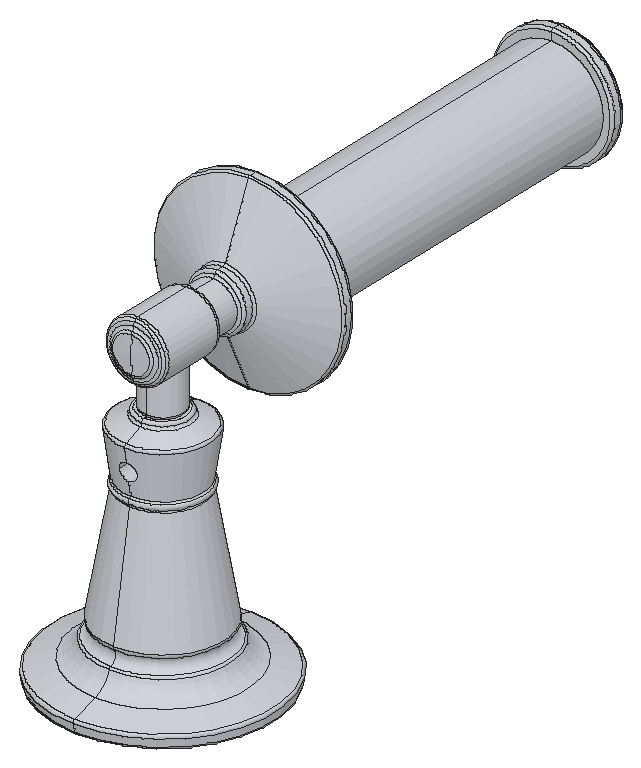
Revit family "Accessory-Tissue_Holder-KOHLER-Archer-K-11056_1", category Specialty Equipment, host Face, Revit 2015
Parameters (values of type "CP-Polished Chrome")
  Width = 4 31/32"  # constant formula
  WaterSense Certified = 1 = 0  # no
  URL = "https://www.us.kohler.com/us/"
  Type = 1
  Product Page URL = "http://www.us.kohler.com/us/catalog/productDetails.jsp?productNumber=11056"
  Product Name = "Archer"  # constant formula
  Product Documentation Link = "https://www.us.kohler.com/webassets/kpna/catalog/pdf/en/K-11056_spec.pdf"
  Model = if(Type = 1, "K-11056-CP", if(Type = 2, "K-11056-BN", "NA"))  # "K-11056-CP"
  Material = "Premium Metal Construction"  # constant formula
  MasterFormat 2004 = "10.28.13"  # constant formula
  MasterFormat 1995 = "10820"  # constant formula
  Manufacturer Address = "444 Highland Dr, Kohler, WI 53044"  # constant formula
  Manufacturer = "KOHLER Co."  # constant formula
  Length = 2 3/4"  # constant formula
  Height = 7 5/8"  # constant formula
  Finish = Kohler-Metal-CP-Polished_Chrome
  Environmental Product Declaration = ""
  Description = "Vertical toilet tissue holder"  # constant formula
  Default Elevation = 42"
  Declare Label = ""
  Date Modified = "05/20/2019"  # constant formula
  Date Created = "05/20/2019"  # constant formula
  Copyright = "Copyright KOHLER Co."  # constant formula
  Contact Us = "https://www.us.kohler.com/us/static/contact.jsp"
  Assembly Code = "C1030200"
  ADA Compliant = 1 = 0  # no
Types (3): name | Type | Model | Finish
  (no name) | 1 | "K-11056-CP" | Kohler-Metal-CP-Polished_Chrome
  CP-Polished Chrome | 1 | "K-11056-CP" | Kohler-Metal-CP-Polished_Chrome
  BN-Vibrant Brushed Nickel | 2 | "K-11056-BN" | Kohler-Metal-BN-Vibrant_Brushed_Nickel
Reference planes (in)
  plane 1 "Center (Front/Back)": y = 0
  plane 2: z = 0
  plane 3 "Center (Left/Right)": x = 0
  plane 4: y = 1.375
  plane 5: y = -1.375
  plane 6: z = 3.79756
  plane 7: x = -1.375
  plane 8: x = 1.375
  plane 9: y = 6.25
  plane 10: z = 4.96875
  plane 11: z = 2.62239
Dimensions and locks (in)
  "Length": plane 7 to plane 8
  "Height": plane 9 to plane 5
  "Width": plane 10 to level
  aligned and locked: plane 2 to host face
  aligned and locked: level to host face
Automatic sketch dimensions
  host sketch curve to host sketch curve = 96"  (x2)
Nested families (in)
  nested 1: "K-11056" at (0, 0, 0), type "K-11056"
Definition of nested family "K-11056"
  Parameters (values of type "K-11056")
    Width [instance] = 18"
    Material = none
  Reference planes (in)
    plane 1 "Center (Front/Back)": y = 0
    plane 2: z = 0
    plane 3 "Center (Left/Right)": x = 0
    plane 4: z = 3.79756
    plane 5: y = -1.375
    plane 6: z = 5.17616
    plane 7: y = 1.375
    plane 8: x = -1.375
    plane 9: x = 1.375
    plane 10: y = 6.25
    plane 11: z = 4.96944
    plane 12: z = 2.62569
    plane 13: x = -1.17187
    plane 14: x = 1.17188
  Forms (in)
    Revolve 1, solid, material <- "Material", detail levels medium+fine
      sketch origin (0, 0, 0) x (0, 1, 0) y (0, 0, 1)
        loop
          line (0, 3.79756) -> (-0.24988, 3.79756) -> (-0.24988, 3.03204)
          arc (-0.24988, 3.03204) -> (-0.24348, 3.01657) -> (-0.22801, 3.01016) r 0.02188
          line (-0.22801, 3.01016) -> (-0.28646, 3.01016)
          arc (-0.28646, 3.01016) -> (-0.31027, 2.99961) -> (-0.31846, 2.97488) r 0.03215
          arc (-0.31846, 2.97488) -> (-0.32346, 2.9525) -> (-0.34077, 2.93745) r 0.03673
          line (-0.34077, 2.93745) -> (-0.55875, 2.84578)
          arc (-0.55875, 2.84578) -> (-0.57453, 2.83177) -> (-0.57848, 2.81104) r 0.03274
          line (-0.57848, 2.81104) -> (-0.49939, 2.24826)
          arc (-0.49939, 2.24826) -> (-0.50166, 2.23198) -> (-0.51218, 2.21935) r 0.02993
          arc (-0.51218, 2.21935) -> (-0.5288, 2.18869) -> (-0.51342, 2.15738) r 0.03802
          arc (-0.51342, 2.15738) -> (-0.50361, 2.14464) -> (-0.50197, 2.12864) r 0.02941
          line (-0.50197, 2.12864) -> (-0.75434, 0.69738)
          arc (-0.75434, 0.69738) -> (-0.75363, 0.67616) -> (-0.74442, 0.65703) r 0.05146
          arc (-0.74442, 0.65703) -> (-0.72788, 0.56257) -> (-0.79622, 0.4953) r 0.10317
          arc (-0.79622, 0.4953) -> (-0.81234, 0.48569) -> (-0.82207, 0.46966) r 0.03888
          arc (-0.82207, 0.46966) -> (-0.90143, 0.33837) -> (-1.0327, 0.25897) r 0.32066
          line (-1.0327, 0.25897) -> (-1.35075, 0.15973)
          arc (-1.35075, 0.15973) -> (-1.3701, 0.14452) -> (-1.37444, 0.1203) r 0.03459
          line (-1.37444, 0.1203) -> (-1.35524, 0.0186)
          arc (-1.35524, 0.0186) -> (-1.34737, 0.00525) -> (-1.3328, 0) r 0.02283
          line (-1.3328, 0) -> (0, 0) -> (0, 3.79756)
        axis (0, 3.79756) -> (0, 0)
      angle from 0 to 360
    Revolve 2, solid, material <- "Material", detail levels medium+fine
      sketch origin (0, 0, 0) x (0, 1, 0) y (0, 0, 1)
        loop
          arc (6.24882, 3.79756) -> (6.24607, 4.08246) -> (6.23783, 4.36724) r 14.80188
          arc (6.23783, 4.36724) -> (6.22976, 4.38704) -> (6.21086, 4.39703) r 0.03129
          arc (6.21086, 4.39703) -> (6.19345, 4.40646) -> (6.1865, 4.425) r 0.02824
          line (6.1865, 4.425) -> (6.1865, 4.47666)
          arc (6.1865, 4.47666) -> (6.18228, 4.49561) -> (6.1704, 4.51096) r 0.04459
          line (6.1704, 4.51096) -> (6.14222, 4.53436)
          arc (6.14222, 4.53436) -> (6.12848, 4.54231) -> (6.11288, 4.54525) r 0.04722
          line (6.11288, 4.54525) -> (6.01621, 4.54693)
          arc (6.01621, 4.54693) -> (5.99524, 4.53857) -> (5.9865, 4.51774) r 0.0292
          line (5.9865, 4.51774) -> (5.9865, 4.42249) -> (1.46792, 4.42249) -> (1.46792, 4.94017)
          arc (1.46792, 4.94017) -> (1.45838, 4.9632) -> (1.43536, 4.97274) r 0.03257
          line (1.43536, 4.97274) -> (1.34688, 4.97274)
          arc (1.34688, 4.97274) -> (1.33016, 4.96783) -> (1.31875, 4.95466) r 0.03092
          line (1.31875, 4.95466) -> (0.9626, 4.17412)
          arc (0.9626, 4.17412) -> (0.94901, 4.15843) -> (0.92909, 4.15258) r 0.03684
          line (0.92909, 4.15258) -> (0.8413, 4.15258)
          arc (0.8413, 4.15258) -> (0.81838, 4.14256) -> (0.81015, 4.11894) r 0.03124
          arc (0.81015, 4.11894) -> (0.80212, 4.09591) -> (0.77977, 4.08614) r 0.03047
          line (0.77977, 4.08614) -> (0.44302, 4.08614)
          arc (0.44302, 4.08614) -> (0.44328, 4.11243) -> (0.43105, 4.13571) r 0.05384
          line (0.43105, 4.13571) -> (0.40893, 4.16042)
          arc (0.40893, 4.16042) -> (0.39349, 4.17169) -> (0.37479, 4.17567) r 0.04583
          line (0.37479, 4.17567) -> (-0.3779, 4.17567)
          arc (-0.3779, 4.17567) -> (-0.39341, 4.17238) -> (-0.40624, 4.16306) r 0.03813
          line (-0.40624, 4.16306) -> (-0.43101, 4.13554)
          arc (-0.43101, 4.13554) -> (-0.44098, 4.11789) -> (-0.44253, 4.09767) r 0.04667
          arc (-0.44253, 4.09767) -> (-0.44694, 4.06983) -> (-0.46631, 4.04934) r 0.04769
          arc (-0.46631, 4.04934) -> (-0.47813, 4.03817) -> (-0.48332, 4.02275) r 0.03366
          arc (-0.48332, 4.02275) -> (-0.49007, 3.91025) -> (-0.49207, 3.79756) r 2.6672
          line (-0.49207, 3.79756) -> (6.24882, 3.79756)
        axis (6.24882, 3.79756) -> (-0.49207, 3.79756)
      angle from 0 to 360
    Extrusion 3, void
      sketch origin (0, 0, 0) x (1, 0, 0) y (0, 0, 1)
        loop
          circle (-0.00004, 2.5303) r 0.10944
      from 0 to 0.64943
    Revolve 4, solid, material <- "Material", detail levels coarse
      sketch origin (0, 0, 0) x (0, 1, 0) y (0, 0, 1)
        loop
          line (0, 3.79756) -> (-0.25, 3.79756) -> (-0.25, 3.03278) -> (-0.57303, 2.85372) -> (-0.8247, 0.45928) -> (-1.375, 0.15424) -> (-1.375, 0) -> (0, 0) -> (0, 3.79756)
        axis (0, 3.79756) -> (0, 0)
      angle from 0 to 360
    Revolve 5, solid, material <- "Material", detail levels coarse
      sketch origin (0, 0, 0) x (0, 1, 0) y (0, 0, 1)
        loop
          line (6.25, 3.79756) -> (6.25, 4.54288) -> (1.47428, 4.62624) -> (1.46731, 4.97274) -> (1.32701, 4.97274) -> (0.96331, 4.17567) -> (-0.46644, 4.17567)
          arc (-0.46644, 4.17567) -> (-0.48598, 3.98707) -> (-0.49207, 3.79756) r 2.6672
          line (-0.49207, 3.79756) -> (6.25, 3.79756)
        axis (6.25, 3.79756) -> (-0.49207, 3.79756)
      angle from 0 to 360
  Cuts and joins
    Extrusion 3 cuts Revolve 1
    joined: Revolve 1, Revolve 2
    joined: Revolve 4, Revolve 5
  Lines and regions (in)
    Masking region 1
      outline origin (0, 0, 0) x (0, 1, 0) y (0, 0, 1)
        loop
          arc (1.3328, 0) -> (1.34737, 0.00525) -> (1.35524, 0.0186) r 0.02283
          line (1.35524, 0.0186) -> (1.37444, 0.1203)
          arc (1.37444, 0.1203) -> (1.3701, 0.14452) -> (1.35075, 0.15973) r 0.03459
          line (1.35075, 0.15973) -> (1.0327, 0.25897)
          arc (1.0327, 0.25897) -> (0.90143, 0.33837) -> (0.82207, 0.46966) r 0.32066
          arc (0.82207, 0.46966) -> (0.81234, 0.48569) -> (0.79622, 0.4953) r 0.03888
          arc (0.79622, 0.4953) -> (0.72788, 0.56257) -> (0.74442, 0.65703) r 0.10317
          arc (0.74442, 0.65703) -> (0.75363, 0.67616) -> (0.75434, 0.69738) r 0.05146
          line (0.75434, 0.69738) -> (0.50197, 2.12864)
          arc (0.50197, 2.12864) -> (0.50361, 2.14464) -> (0.51342, 2.15738) r 0.02941
          arc (0.51342, 2.15738) -> (0.5288, 2.18869) -> (0.51218, 2.21935) r 0.03802
          arc (0.51218, 2.21935) -> (0.50166, 2.23198) -> (0.49939, 2.24826) r 0.02993
          line (0.49939, 2.24826) -> (0.57848, 2.81104)
          arc (0.57848, 2.81104) -> (0.57453, 2.83177) -> (0.55875, 2.84578) r 0.03274
          line (0.55875, 2.84578) -> (0.34077, 2.93745)
          arc (0.34077, 2.93745) -> (0.32346, 2.9525) -> (0.31846, 2.97488) r 0.03673
          arc (0.31846, 2.97488) -> (0.31027, 2.99961) -> (0.28646, 3.01016) r 0.03215
          line (0.28646, 3.01016) -> (0.22801, 3.01016)
          arc (0.22801, 3.01016) -> (0.24348, 3.01657) -> (0.24988, 3.03204) r 0.02188
          line (0.24988, 3.03204) -> (0.24988, 3.41945) -> (0.37479, 3.41945)
          arc (0.37479, 3.41945) -> (0.39349, 3.42344) -> (0.40893, 3.43471) r 0.04583
          line (0.40893, 3.43471) -> (0.43105, 3.45941)
          arc (0.43105, 3.45941) -> (0.44328, 3.48269) -> (0.44302, 3.50899) r 0.05384
          line (0.44302, 3.50899) -> (0.77977, 3.50899)
          arc (0.77977, 3.50899) -> (0.80212, 3.49922) -> (0.81015, 3.47618) r 0.03047
          arc (0.81015, 3.47618) -> (0.81838, 3.45256) -> (0.8413, 3.44255) r 0.03124
          line (0.8413, 3.44255) -> (0.92909, 3.44255)
          arc (0.92909, 3.44255) -> (0.94901, 3.4367) -> (0.9626, 3.421) r 0.03684
          line (0.9626, 3.421) -> (1.31725, 2.64377)
          arc (1.31725, 2.64377) -> (1.32866, 2.6306) -> (1.34538, 2.62569) r 0.03092
          line (1.34538, 2.62569) -> (1.43674, 2.62569)
          arc (1.43674, 2.62569) -> (1.45857, 2.6346) -> (1.46792, 2.65625) r 0.03119
          line (1.46792, 2.65625) -> (1.46792, 3.17264) -> (5.98821, 3.17264) -> (5.98821, 3.07739)
          arc (5.98821, 3.07739) -> (5.99694, 3.05656) -> (6.01792, 3.04819) r 0.0292
          line (6.01792, 3.04819) -> (6.11459, 3.04988)
          arc (6.11459, 3.04988) -> (6.13019, 3.05282) -> (6.14393, 3.06077) r 0.04722
          line (6.14393, 3.06077) -> (6.17211, 3.08416)
          arc (6.17211, 3.08416) -> (6.18399, 3.09952) -> (6.18821, 3.11847) r 0.04459
          line (6.18821, 3.11847) -> (6.18821, 3.17012)
          arc (6.18821, 3.17012) -> (6.19515, 3.18867) -> (6.21257, 3.19809) r 0.02824
          arc (6.21257, 3.19809) -> (6.23147, 3.20809) -> (6.23958, 3.22789) r 0.03129
          arc (6.23958, 3.22789) -> (6.24646, 3.45005) -> (6.25, 3.6723) r 14.80188
          line (6.25, 3.6723) -> (6.25, 3.92182)
          arc (6.25, 3.92182) -> (6.24645, 4.14457) -> (6.23954, 4.36724) r 14.80188
          arc (6.23954, 4.36724) -> (6.23147, 4.38704) -> (6.21257, 4.39703) r 0.03129
          arc (6.21257, 4.39703) -> (6.19515, 4.40646) -> (6.18821, 4.425) r 0.02824
          line (6.18821, 4.425) -> (6.18821, 4.47666)
          arc (6.18821, 4.47666) -> (6.18399, 4.49561) -> (6.17211, 4.51096) r 0.04459
          line (6.17211, 4.51096) -> (6.14393, 4.53436)
          arc (6.14393, 4.53436) -> (6.13019, 4.54231) -> (6.11459, 4.54525) r 0.04722
          line (6.11459, 4.54525) -> (6.01792, 4.54693)
          arc (6.01792, 4.54693) -> (5.99694, 4.53857) -> (5.98821, 4.51774) r 0.0292
          line (5.98821, 4.51774) -> (5.98821, 4.42249) -> (1.46792, 4.42249) -> (1.46792, 4.93888)
          arc (1.46792, 4.93888) -> (1.45857, 4.96052) -> (1.43674, 4.96944) r 0.03119
          line (1.43674, 4.96944) -> (1.34538, 4.96944)
          arc (1.34538, 4.96944) -> (1.32866, 4.96453) -> (1.31725, 4.95136) r 0.03092
          line (1.31725, 4.95136) -> (0.9626, 4.17412)
          arc (0.9626, 4.17412) -> (0.94901, 4.15843) -> (0.92909, 4.15258) r 0.03684
          line (0.92909, 4.15258) -> (0.8413, 4.15258)
          arc (0.8413, 4.15258) -> (0.81838, 4.14256) -> (0.81015, 4.11894) r 0.03124
          arc (0.81015, 4.11894) -> (0.80212, 4.09591) -> (0.77977, 4.08614) r 0.03047
          line (0.77977, 4.08614) -> (0.44302, 4.08614)
          arc (0.44302, 4.08614) -> (0.44328, 4.11243) -> (0.43105, 4.13571) r 0.05384
          line (0.43105, 4.13571) -> (0.40893, 4.16042)
          arc (0.40893, 4.16042) -> (0.39349, 4.17169) -> (0.37479, 4.17567) r 0.04583
          line (0.37479, 4.17567) -> (-0.3779, 4.17567)
          arc (-0.3779, 4.17567) -> (-0.39341, 4.17238) -> (-0.40624, 4.16306) r 0.03813
          line (-0.40624, 4.16306) -> (-0.43101, 4.13554)
          arc (-0.43101, 4.13554) -> (-0.44098, 4.11789) -> (-0.44253, 4.09767) r 0.04667
          arc (-0.44253, 4.09767) -> (-0.44694, 4.06983) -> (-0.46631, 4.04934) r 0.04769
          arc (-0.46631, 4.04934) -> (-0.47813, 4.03817) -> (-0.48332, 4.02275) r 0.03366
          arc (-0.48332, 4.02275) -> (-0.49208, 3.80256) -> (-0.48263, 3.58239) r 2.6672
          arc (-0.48263, 3.58239) -> (-0.48051, 3.56139) -> (-0.46631, 3.54579) r 0.03366
          arc (-0.46631, 3.54579) -> (-0.44694, 3.5253) -> (-0.44253, 3.49746) r 0.04769
          arc (-0.44253, 3.49746) -> (-0.44098, 3.47724) -> (-0.43101, 3.45959) r 0.04667
          line (-0.43101, 3.45959) -> (-0.40624, 3.43207)
          arc (-0.40624, 3.43207) -> (-0.39341, 3.42275) -> (-0.3779, 3.41945) r 0.03813
          line (-0.3779, 3.41945) -> (-0.24988, 3.41945) -> (-0.24988, 3.03204)
          arc (-0.24988, 3.03204) -> (-0.24348, 3.01657) -> (-0.22801, 3.01016) r 0.02188
          line (-0.22801, 3.01016) -> (-0.28646, 3.01016)
          arc (-0.28646, 3.01016) -> (-0.31027, 2.99961) -> (-0.31846, 2.97488) r 0.03215
          arc (-0.31846, 2.97488) -> (-0.32346, 2.9525) -> (-0.34077, 2.93745) r 0.03673
          line (-0.34077, 2.93745) -> (-0.55875, 2.84578)
          arc (-0.55875, 2.84578) -> (-0.57453, 2.83177) -> (-0.57848, 2.81104) r 0.03274
          line (-0.57848, 2.81104) -> (-0.49939, 2.24826)
          arc (-0.49939, 2.24826) -> (-0.50166, 2.23198) -> (-0.51218, 2.21935) r 0.02993
          arc (-0.51218, 2.21935) -> (-0.5288, 2.18869) -> (-0.51342, 2.15738) r 0.03802
          arc (-0.51342, 2.15738) -> (-0.50361, 2.14464) -> (-0.50197, 2.12864) r 0.02941
          line (-0.50197, 2.12864) -> (-0.75434, 0.69738)
          arc (-0.75434, 0.69738) -> (-0.75363, 0.67616) -> (-0.74442, 0.65703) r 0.05146
          arc (-0.74442, 0.65703) -> (-0.72788, 0.56257) -> (-0.79622, 0.4953) r 0.10317
          arc (-0.79622, 0.4953) -> (-0.81234, 0.48569) -> (-0.82207, 0.46966) r 0.03888
          arc (-0.82207, 0.46966) -> (-0.90143, 0.33837) -> (-1.0327, 0.25897) r 0.32066
          line (-1.0327, 0.25897) -> (-1.35075, 0.15973)
          arc (-1.35075, 0.15973) -> (-1.3701, 0.14452) -> (-1.37444, 0.1203) r 0.03459
          line (-1.37444, 0.1203) -> (-1.35524, 0.0186)
          arc (-1.35524, 0.0186) -> (-1.34737, 0.00525) -> (-1.3328, 0) r 0.02283
          line (-1.3328, 0) -> (1.3328, 0)
    Masking region 2
      outline origin (0, 0, 0) x (1, 0, 0) y (0, 0, 1)
        loop
          arc (1.33284, 0) -> (1.34741, 0.00525) -> (1.35528, 0.0186) r 0.02283
          line (1.35528, 0.0186) -> (1.37448, 0.1203)
          arc (1.37448, 0.1203) -> (1.37014, 0.14452) -> (1.35079, 0.15973) r 0.03459
          line (1.35079, 0.15973) -> (1.03273, 0.25897)
          arc (1.03273, 0.25897) -> (0.90147, 0.33837) -> (0.82211, 0.46966) r 0.32066
          arc (0.82211, 0.46966) -> (0.81237, 0.48569) -> (0.79626, 0.4953) r 0.03888
          arc (0.79626, 0.4953) -> (0.72792, 0.56257) -> (0.74445, 0.65703) r 0.10317
          arc (0.74445, 0.65703) -> (0.75367, 0.67616) -> (0.75437, 0.69738) r 0.05146
          line (0.75437, 0.69738) -> (0.502, 2.12864)
          arc (0.502, 2.12864) -> (0.50365, 2.14464) -> (0.51346, 2.15738) r 0.02941
          arc (0.51346, 2.15738) -> (0.52884, 2.18869) -> (0.51222, 2.21935) r 0.03802
          arc (0.51222, 2.21935) -> (0.5017, 2.23198) -> (0.49943, 2.24826) r 0.02993
          line (0.49943, 2.24826) -> (0.57316, 2.77289)
          arc (0.57316, 2.77289) -> (-0.00005, 4.97165) -> (-0.57308, 2.77284) r 1.17408
          line (-0.57308, 2.77284) -> (-0.49935, 2.24826)
          arc (-0.49935, 2.24826) -> (-0.50162, 2.23198) -> (-0.51215, 2.21935) r 0.02993
          arc (-0.51215, 2.21935) -> (-0.52876, 2.18869) -> (-0.51338, 2.15738) r 0.03802
          arc (-0.51338, 2.15738) -> (-0.50357, 2.14464) -> (-0.50193, 2.12864) r 0.02941
          line (-0.50193, 2.12864) -> (-0.7543, 0.69738)
          arc (-0.7543, 0.69738) -> (-0.75359, 0.67616) -> (-0.74438, 0.65703) r 0.05146
          arc (-0.74438, 0.65703) -> (-0.72784, 0.56257) -> (-0.79619, 0.4953) r 0.10317
          arc (-0.79619, 0.4953) -> (-0.8123, 0.48569) -> (-0.82203, 0.46966) r 0.03888
          arc (-0.82203, 0.46966) -> (-0.90139, 0.33837) -> (-1.03266, 0.25897) r 0.32066
          line (-1.03266, 0.25897) -> (-1.35071, 0.15973)
          arc (-1.35071, 0.15973) -> (-1.37006, 0.14452) -> (-1.3744, 0.1203) r 0.03459
          line (-1.3744, 0.1203) -> (-1.3552, 0.0186)
          arc (-1.3552, 0.0186) -> (-1.34734, 0.00525) -> (-1.33276, 0) r 0.02283
          line (-1.33276, 0) -> (1.33284, 0)
    Masking region 3
      outline origin (0, 0, 0) x (1, 0, 0) y (0, 1, 0)
        loop
          line (0.62543, 5.98821) -> (0.72068, 5.98821)
          arc (0.72068, 5.98821) -> (0.7415, 5.99694) -> (0.74987, 6.01792) r 0.0292
          line (0.74987, 6.01792) -> (0.74819, 6.11459)
          arc (0.74819, 6.11459) -> (0.74524, 6.13019) -> (0.7373, 6.14393) r 0.04722
          line (0.7373, 6.14393) -> (0.7139, 6.17211)
          arc (0.7139, 6.17211) -> (0.69854, 6.18399) -> (0.6796, 6.18821) r 0.04459
          line (0.6796, 6.18821) -> (0.62794, 6.18821)
          arc (0.62794, 6.18821) -> (0.6094, 6.19515) -> (0.59997, 6.21257) r 0.02824
          arc (0.59997, 6.21257) -> (0.58998, 6.23147) -> (0.57018, 6.23954) r 0.03129
          arc (0.57018, 6.23954) -> (0.34751, 6.24645) -> (0.12476, 6.25) r 14.80188
          line (0.12476, 6.25) -> (-0.12476, 6.25)
          arc (-0.12476, 6.25) -> (-0.34701, 6.24646) -> (-0.56918, 6.23954) r 14.80188
          arc (-0.56918, 6.23954) -> (-0.58897, 6.23147) -> (-0.59897, 6.21257) r 0.03129
          arc (-0.59897, 6.21257) -> (-0.60839, 6.19515) -> (-0.62694, 6.18821) r 0.02824
          line (-0.62694, 6.18821) -> (-0.67859, 6.18821)
          arc (-0.67859, 6.18821) -> (-0.69754, 6.18399) -> (-0.7129, 6.17211) r 0.04459
          line (-0.7129, 6.17211) -> (-0.7363, 6.14393)
          arc (-0.7363, 6.14393) -> (-0.74424, 6.13019) -> (-0.74718, 6.11459) r 0.04722
          line (-0.74718, 6.11459) -> (-0.74887, 6.01792)
          arc (-0.74887, 6.01792) -> (-0.7405, 5.99694) -> (-0.71968, 5.98821) r 0.0292
          line (-0.71968, 5.98821) -> (-0.62443, 5.98821) -> (-0.62443, 1.46792) -> (-1.14132, 1.46792)
          arc (-1.14132, 1.46792) -> (-1.16296, 1.45857) -> (-1.17187, 1.43674) r 0.03119
          line (-1.17187, 1.43674) -> (-1.17187, 1.34561)
          arc (-1.17187, 1.34561) -> (-1.16696, 1.32889) -> (-1.15379, 1.31748) r 0.03092
          line (-1.15379, 1.31748) -> (-0.76833, 1.14159)
          arc (-0.76833, 1.14159) -> (-1.20169, 0.67044) -> (-1.375, 0.0542) r 1.37607
          line (-1.375, 0.0542) -> (-1.375, -0.0542)
          arc (-1.375, -0.0542) -> (-0.97303, -0.97303) -> (-0.0542, -1.375) r 1.37607
          line (-0.0542, -1.375) -> (0.0542, -1.375)
          arc (0.0542, -1.375) -> (0.97303, -0.97303) -> (1.375, -0.0542) r 1.37607
          line (1.375, -0.0542) -> (1.375, 0.0542)
          arc (1.375, 0.0542) -> (1.20181, 0.67023) -> (0.76873, 1.14132) r 1.37607
          line (0.76873, 1.14132) -> (1.15379, 1.31702)
          arc (1.15379, 1.31702) -> (1.16696, 1.32843) -> (1.17188, 1.34515) r 0.03092
          line (1.17188, 1.34515) -> (1.17188, 1.43674)
          arc (1.17188, 1.43674) -> (1.16296, 1.45857) -> (1.14132, 1.46792) r 0.03119
          line (1.14132, 1.46792) -> (0.62543, 1.46792) -> (0.62543, 5.98821)
    symbolic lines, detail levels medium+fine
      curve 1: line (0, -1.35075, 0.15973) -> (0, 1.35075, 0.15973)
      curve 2: line (0, 0.79622, 0.4953) -> (0, -0.79622, 0.4953)
      curve 3: line (0, 0.74442, 0.65703) -> (0, -0.74442, 0.65703)
      curve 4: line (0, 0.51218, 2.21935) -> (0, -0.51218, 2.21935)
      curve 5: line (0, 0.51342, 2.15738) -> (0, -0.51342, 2.15738)
      curve 6: line (0, 0.22801, 3.01016) -> (0, -0.22801, 3.01016)
      curve 7: line (0, 0.44302, 4.08614) -> (0, 0.44302, 3.50899)
      curve 8: line (0, -0.24988, 3.41945) -> (0, 0.24988, 3.41945)
      curve 9: line (0, -0.44694, 4.06983) -> (0, -0.44694, 3.5253)
      curve 10: line (0, 1.46792, 4.42249) -> (0, 1.46792, 3.17264)
      curve 11: line (0, 0.55875, 2.84578) -> (0, -0.55875, 2.84578)
      curve 12: line (0, 5.98821, 4.42249) -> (0, 5.9865, 3.17264)
      curve 13: line (0, 6.18821, 4.425) -> (0, 6.18821, 3.17012)
      curve 14: line (0, 0.81015, 4.11894) -> (0, 0.81015, 3.47618)
      curve 15: line (0, 1.31875, 4.95466) -> (0, 1.31875, 2.64047)
      curve 16: line (0, 0.9626, 4.17412) -> (0, 0.9626, 3.421)
      curve 17: line (-0.37807, 0.37905, 0) -> (-0.37807, -0.37707, 0)
      curve 18: line (-0.36476, -0.40695, 0) -> (-0.33761, -0.4314, 0)
      curve 19: arc (-0.22507, -0.48315, 0) -> (0.0018, -0.49279, 0) -> (0.22865, -0.48264, 0) r 2.60449
      curve 20: line (-0.36613, 0.40586, 0) -> (-0.33633, 0.43269, 0)
      curve 21: arc (-0.33761, -0.4314, 0) -> (-0.32064, -0.44101, 0) -> (-0.3012, -0.44257, 0) r 0.04516
      curve 22: arc (-0.3012, -0.44257, 0) -> (-0.27243, -0.44709, 0) -> (-0.25101, -0.46681, 0) r 0.05026
      curve 23: arc (-0.25101, -0.46681, 0) -> (-0.24002, -0.47813, 0) -> (-0.22507, -0.48315, 0) r 0.03345
      curve 24: arc (-0.33633, 0.43269, 0) -> (-0.32155, 0.44175, 0) -> (-0.30451, 0.44491, 0) r 0.04756
      curve 25: arc (-0.37807, 0.37905, 0) -> (-0.37495, 0.39372, 0) -> (-0.36613, 0.40586, 0) r 0.03609
      curve 26: arc (-0.37807, -0.37707, 0) -> (-0.37459, -0.39342, 0) -> (-0.36476, -0.40695, 0) r 0.04021
      curve 27: line (-0.28859, 0.78023, 0) -> (-0.28859, 0.44491, 0)
      curve 28: arc (-0.28859, 0.78023, 0) -> (-0.29842, 0.80267, 0) -> (-0.32158, 0.81068, 0) r 0.03055
      curve 29: line (-0.35512, 0.93161, 0) -> (-0.35512, 0.84164, 0)
      curve 30: arc (-0.35512, 0.84164, 0) -> (-0.34513, 0.81882, 0) -> (-0.32158, 0.81068, 0) r 0.03107
      curve 31: arc (-0.3744, 0.96162, 0) -> (-0.36035, 0.94944, 0) -> (-0.35512, 0.93161, 0) r 0.03299
      curve 32: line (0.37807, 0.37905, 0) -> (0.37807, -0.37707, 0)
      curve 33: line (0.36476, -0.40695, 0) -> (0.33761, -0.4314, 0)
      curve 34: line (0.30451, 0.44491, 0) -> (-0.30451, 0.44491, 0)
      curve 35: line (0.36613, 0.40586, 0) -> (0.33633, 0.43269, 0)
      curve 36: arc (0.33761, -0.4314, 0) -> (0.32064, -0.44101, 0) -> (0.3012, -0.44257, 0) r 0.04516
      curve 37: arc (0.3012, -0.44257, 0) -> (0.27243, -0.44709, 0) -> (0.25101, -0.46681, 0) r 0.05026
      curve 38: arc (0.25101, -0.46681, 0) -> (0.24152, -0.47712, 0) -> (0.22865, -0.48264, 0) r 0.03345
      curve 39: arc (0.33633, 0.43269, 0) -> (0.32155, 0.44175, 0) -> (0.30451, 0.44491, 0) r 0.04756
      curve 40: arc (0.37807, 0.37905, 0) -> (0.37495, 0.39372, 0) -> (0.36613, 0.40586, 0) r 0.03609
      curve 41: arc (0.37807, -0.37707, 0) -> (0.37459, -0.39342, 0) -> (0.36476, -0.40695, 0) r 0.04021
      curve 42: line (0.28859, 0.78023, 0) -> (0.28859, 0.44491, 0)
      curve 43: arc (0.28859, 0.78023, 0) -> (0.29842, 0.80267, 0) -> (0.32158, 0.81068, 0) r 0.03055
      curve 44: line (0.35512, 0.93161, 0) -> (0.35512, 0.84164, 0)
      curve 45: arc (0.35512, 0.84164, 0) -> (0.34513, 0.81882, 0) -> (0.32158, 0.81068, 0) r 0.03107
      curve 46: arc (0.3744, 0.96162, 0) -> (0.36035, 0.94944, 0) -> (0.35512, 0.93161, 0) r 0.03299
      curve 47: line (-0.27243, -0.44709, 0) -> (0.27243, -0.44709, 0)
      curve 48: line (-0.32158, 0.81068, 0) -> (0.32158, 0.81068, 0)
      curve 49: line (-0.3744, 0.96162, 0) -> (0.3744, 0.96162, 0)
      curve 50: line (-0.62493, 1.46792, 0) -> (0.62493, 1.46792, 0)
      curve 51: line (-0.62694, 6.18821, 0) -> (0.62794, 6.18821, 0)
      curve 52: line (-0.62443, 5.98821, 0) -> (0.62543, 5.98821, 0)
      curve 53: arc (-0.28859, 0.77037, 0) -> (0, -0.82265, 0) -> (0.28859, 0.77037, 0) r 0.82265
      curve 54: arc (-0.28859, 0.50393, 0) -> (0, -0.58072, 0) -> (0.28859, 0.50393, 0) r 0.58072
      curve 55: line (-0.76833, 1.14159, 0) -> (-0.3744, 0.96162, 0)
      curve 56: line (0.76873, 1.14132, 0) -> (0.3744, 0.96162, 0)
      curve 57: arc (0.57316, 0, 2.77289) -> (0.00005, 0, 2.62816) -> (-0.57308, 0, 2.77284) r 1.20727
      curve 58: circle (0, 0, 3.79756) r 0.75 normal (0, -1, 0)
      curve 59: circle (0, 0, 3.79756) r 0.59954 normal (0, -1, 0)
      curve 60: circle (0, 0, 3.79756) r 0.69057 normal (0, -1, 0)
      curve 61: line (0.51222, 0, 2.21935) -> (-0.51215, 0, 2.21935)
      curve 62: line (0.51346, 0, 2.15738) -> (-0.51338, 0, 2.15738)
      curve 63: line (0.74445, 0, 0.65703) -> (-0.74438, 0, 0.65703)
      curve 64: line (0.79626, 0, 0.4953) -> (-0.79619, 0, 0.4953)
      curve 65: line (1.35079, 0, 0.15973) -> (-1.35071, 0, 0.15973)
      curve 66: line (-1.15659, 1.31875, 0) -> (1.15759, 1.31875, 0)
  Dimensions and locks (in)
    plane 6 to plane 2 = 5.17616"
    plane 1 "Center (Front/Back)" to plane 5 = 1 3/8"
    plane 8 to plane 3 "Center (Left/Right)" = 1 3/8"
    plane 10 to plane 5 = 7 5/8"
    plane 11 to plane 4 = 1 11/64"
    plane 11 to plane 12 = 2 11/32"
    plane 13 to plane 14 = 2 11/32"
    plane 11 to level = 4.96944"
    aligned and locked: plane 2 to level
